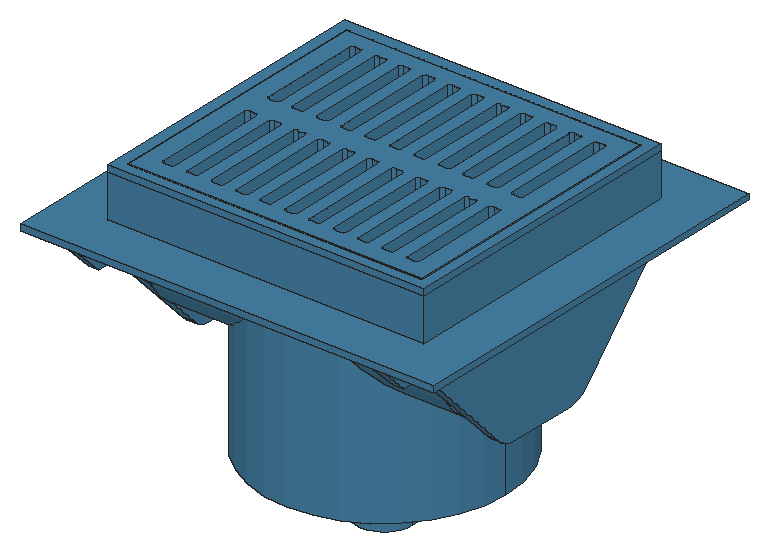
Revit family "Drain_Trench_12_Inch_Wide-Zurn-Z665-Heavy-Duty", category Plumbing Fixtures, Revit 2022
Family settings
  Round Connector Dimension = Use Radius
  Part Type = Normal
  OmniClass Number = 23.70.50.21.24.14
  OmniClass Title = Deck Waste Water Drains
  Work Plane-Based = No
  Always vertical = Yes
  Cut with Voids When Loaded = No
  Maintain Annotation Orientation = No
  Shared = No
  Room Calculation Point = No
Parameters (values of type "Load Family Catalog")
  ZB/ZN = 0.000"
  Waste Connection = 1 = 1  # yes
  WFU = 1  # constant formula
  Vent Connection = 1 = 0  # no
  URL = "www.zurn.com"
  Type Comments = "Z665 2 Inch Inside Caulk Outlet"
  Top flange height = 2.000"
  Product data url = "https://www.bimobject.com/en-in/zurnindustries/product/zurn-z665"
  Product Page URL = "https://www.zurn.com/products/drainage-interceptors/floor-drains/cast-iron-trench-drains/z665"
  Product Installation Sheet URL = "https://files.zurn.com/care-cleaning-install-warranty-sheets/fd16-(1).pdf"
  Product Documentation Link = "https://files.zurn.com/spec-sheets/z665.pdf"
  A_ Pipe Size (Nominal Radius) = [A_ Pipe Size (Nominal Diameter)] / 2  # 1.000"
  A_ Pipe Size (Nominal Diameter) = 2.000"
  A_ Pipe Size (Inner Diameter) = 2.067"
  A_ Pipe Size (Outer Diameter) = 2.375"
  Modified Date = "11/24/25"  # constant formula
  Model = "Z665"
  Manufacurer Brand = "Zurn"  # constant formula
  Manufacturer = "Zurn Water, LLC"  # constant formula
  Main Material = Iron - Zurn - Cast - Painted - Blue
  HWFU = 0  # constant formula
  HW Connection = 1 = 0  # no
  Grate Open Area (Sq. In.) = 110.00 SF
  Grate Material = Iron - Zurn - Cast - Painted - Blue
  Description = "12[305] WIDE MODULAR TRENCH DRAIN, HEAVY-DUTY"  # constant formula
  Default Elevation = 2.000"  # constant formula
  Date Created = "07/27/17"  # constant formula
  CWFU = 0  # constant formula
  CW Connection = 1 = 0  # no
  Body Height 'E' = 13.188"
  Assembly Code = "D2020.30"
  Approx. Weight (Lbs) = 100.000"
  Actual Body Height 'E' = Body Height 'E' + [ZB/ZN]  # 13.188"
Reference planes (in)
  plane 1 "Center (Front/Back)": y = 0
  plane 2: z = 0
  plane 3 "Center (Left/Right)": x = 0
  plane 4: y = 6.0625
  plane 5: y = -6.0625
  plane 6: z = -6.625
  plane 7 "FEMALE END": x = -8.46875
  plane 8 "MALE END": x = 8.46875
  plane 9: x = 6.03125
  plane 10: x = -6.03125
  plane 11: z = -13.188
  plane 12: y = 5.625
  plane 13: y = -5.625
  plane 14: z = -2
  plane 15: y = -8.0625
  plane 16: z = 0
  plane 17 "bottom outlet": x = 6.46875
  plane 18: x = -6.46875
  plane 19: y = 8.0625
  plane 20: z = -1.75
  plane 21: z = -2.25
  plane 22: y = 4.875
  plane 23: y = -4.875
  plane 24: z = -7.625
  plane 25: x = -1.1875
  plane 26: x = 1.1875
  plane 27: y = 1.1875
  plane 28: y = -1.1875
  plane 29: z = -2.875
  plane 30: x = -1.0335
  plane 31: x = 1.0335
  plane 32: x = 1.1875
  plane 33: x = -1.1875
  plane 34: z = 0
  plane 35: z = -0.25
Forms (in)
  Extrusion 1, solid, material "Iron - Zurn - Cast - Painted - Blue" <- "Main Material", detail levels fine
    sketch origin (0, 0, 0) x (1, 0, 0) y (0, 1, 0)
      loop
        line (-6.03125, 5.625) -> (-6.03125, -5.625) -> (6.03125, -5.625) -> (6.03125, 5.625) -> (-6.03125, 5.625)
      loop
        line (-6.46875, 6.0625) -> (-6.46875, -6.0625) -> (6.46875, -6.0625) -> (6.46875, 6.0625) -> (-6.46875, 6.0625)
    from 0 to -2.25
  Extrusion 2, solid, material "Iron - Zurn - Cast - Painted - Blue" <- "Main Material", detail levels fine
    sketch origin (0, 0, 0) x (1, 0, 0) y (0, 1, 0)
      loop
        line (-8.46875, 8.0625) -> (-8.46875, -8.0625) -> (8.46875, -8.0625) -> (8.46875, 8.0625) -> (-8.46875, 8.0625)
      loop
        line (-6.46875, 6.0625) -> (-6.46875, -6.0625) -> (6.46875, -6.0625) -> (6.46875, 6.0625) -> (-6.46875, 6.0625)
    from -2 to -2.25
  Extrusion 3, solid, material "Iron - Zurn - Cast - Painted - Blue" <- "Main Material", detail levels fine
    sketch origin (6.46875, 0, 0) x (0, 0, 1) y (0, -1, 0)
      loop
        line (-2.25, -8.0625) -> (-2.25, 8.0625) -> (-3.25, 7.0625) -> (-3.25, 6.0625) -> (-7.31667, 2.16777)
        arc (-7.31667, 2.16777) -> (-7.54469, 1.8382) -> (-7.625, 1.44556) r 1
        line (-7.625, 1.44556) -> (-7.625, -1.44556)
        arc (-7.625, -1.44556) -> (-7.54469, -1.8382) -> (-7.31667, -2.16777) r 1
        line (-7.31667, -2.16777) -> (-3.25, -6.0625) -> (-3.25, -7.0625) -> (-2.25, -8.0625)
    from -0.4375 to 0
  Extrusion 4, solid, material "Iron - Zurn - Cast - Painted - Blue" <- "Main Material", detail levels fine
    sketch origin (6.46875, 0, 0) x (0, 0, 1) y (0, -1, 0)
      loop
        line (-2.25, 8.0625) -> (-3.25, 7.0625) -> (-3.25, 6.0625) -> (-7.31667, 2.16777)
        arc (-7.31667, 2.16777) -> (-7.54469, 1.8382) -> (-7.625, 1.44556) r 1
        line (-7.625, 1.44556) -> (-7.625, -1.44556)
        arc (-7.625, -1.44556) -> (-7.54469, -1.8382) -> (-7.31667, -2.16777) r 1
        line (-7.31667, -2.16777) -> (-3.25, -6.0625) -> (-3.25, -7.0625) -> (-2.25, -8.0625) -> (-2.25, 8.0625)
    from -12.5 to -12.9375
  Extrusion 5, solid, material "Iron - Zurn - Cast - Painted - Blue" <- "Main Material", detail levels fine
    sketch origin (0, 0, 0) x (1, 0, 0) y (0, 1, 0)
      loop
        circle (-7.125, 4.25) r 0.375
      loop
        circle (7.125, 4.25) r 0.375
      loop
        circle (-7.125, -4.25) r 0.375
      loop
        circle (7.125, -4.25) r 0.375
    from -2.875 to -2.25
  Extrusion 6, solid, material "Iron - Zurn - Cast - Painted - Blue" <- "Main Material", detail levels fine
    sketch origin (0, 0, 0) x (0, 1, 0) y (0, 0, 1)
      loop
        line (5.625, -2.25) -> (5.07947, -2.25) -> (4.14385, -4.39409)
        arc (4.14385, -4.39409) -> (3.08003, -5.65379) -> (1.5, -6.125) r 2.8846
        line (1.5, -6.125) -> (-1.5, -6.125)
        arc (-1.5, -6.125) -> (-3.10942, -5.63231) -> (-4.16722, -4.3231) r 2.875
        line (-4.16722, -4.3231) -> (-5.00129, -2.25) -> (-5.54024, -2.25) -> (-4.63109, -4.50973)
        arc (-4.63109, -4.50973) -> (-3.38932, -6.04662) -> (-1.5, -6.625) r 3.375
        line (-1.5, -6.625) -> (1.5, -6.625)
        arc (1.5, -6.625) -> (3.3539, -6.07211) -> (4.60211, -4.59407) r 3.3846
        line (4.60211, -4.59407) -> (5.625, -2.25)
    from -6.03125 to 6.03125
  Revolve 7, solid, material "Iron - Zurn - Cast - Painted - Blue" <- "Main Material", detail levels fine
    sketch origin (0, 0, 0) x (1, 0, 0) y (0, 0, 1)
      loop
        line (4.75, -2.875) -> (4.75, -10.5) -> (1.0335, -10.5) -> (1.0335, -13.188) -> (1.1875, -13.188) -> (1.1875, -10.75) -> (5, -10.75) -> (5, -2.875) -> (4.75, -2.875)
      axis (0, -2.875) -> (0, -13.188)
    angle from 0 to 360
  Extrusion 8, solid, material "Iron - Zurn - Cast - Painted - Blue" <- "Grate Material", detail levels fine
    sketch origin (0, 0, 0) x (1, 0, 0) y (0, 1, 0)
      loop
        line (-6.46875, 6.0625) -> (-6.46875, -6.0625) -> (6.46875, -6.0625) -> (6.46875, 6.0625) -> (-6.46875, 6.0625)
      loop
        line (-6.03125, 5.625) -> (-6.03125, -5.625) -> (6.03125, -5.625) -> (6.03125, 5.625) -> (-6.03125, 5.625)
    from -0.25 to 0
Lines and regions (in)
  Masking region 1, detail levels fine
    outline origin (0, 0, 0) x (1, 0, 0) y (0, 1, 0)
      loop
        line (-8.46875, 8.0625) -> (-8.46875, -8.0625) -> (8.46875, -8.0625) -> (8.46875, 8.0625) -> (-8.46875, 8.0625)
  Masking region 2, detail levels fine
    outline origin (0, 0, 0) x (1, 0, 0) y (0, 1, 0)
      loop
        line (-8.46875, 8.0625) -> (-8.46875, -8.0625) -> (8.46875, -8.0625) -> (8.46875, 8.0625) -> (-8.46875, 8.0625)
  model lines, detail levels coarse+medium
    curve 1: line (-1.1875, 0, -13.188) -> (1.1875, 0, -13.188)
    curve 2: line (0, 0, 0) -> (0, 0, -13.188)
    curve 3: line (-6.03125, 5.625, 0) -> (6.03125, 5.625, 0)
    curve 4: line (-6.03125, -5.625, 0) -> (-6.03125, 5.625, 0)
    curve 5: line (6.03125, -5.625, 0) -> (-6.03125, -5.625, 0)
    curve 6: line (6.03125, 5.625, 0) -> (6.03125, -5.625, 0)
    curve 7: line (0, 1.1875, -13.188) -> (0, -1.1875, -13.188)
    curve 8: line (-4.52344, 5.625, 0) -> (-4.52344, -5.625, 0)
    curve 9: line (-3.01562, -5.625, 0) -> (-3.01562, 5.625, 0)
    curve 10: line (-1.50781, 5.625, 0) -> (-1.50781, -5.625, 0)
    curve 11: line (1.50781, -5.625, 0) -> (1.50781, 5.625, 0)
    curve 12: line (3.01563, 5.625, 0) -> (3.01563, -5.625, 0)
    curve 13: line (4.52344, -5.625, 0) -> (4.52344, 5.625, 0)
    curve 14: line (0, 5.625, 0) -> (0, -5.625, 0)
    curve 15: line (-6.46875, 6.0625, 0) -> (6.46875, 6.0625, 0)
    curve 16: line (-6.46875, -6.0625, 0) -> (-6.46875, 6.0625, 0)
    curve 17: line (6.46875, -6.0625, 0) -> (-6.46875, -6.0625, 0)
    curve 18: line (6.46875, 6.0625, 0) -> (6.46875, -6.0625, 0)
  symbolic lines, detail levels coarse+medium
    curve 19: line (-6.03125, 5.625, 0) -> (6.03125, 5.625, 0)
    curve 20: line (-6.03125, -5.625, 0) -> (-6.03125, 5.625, 0)
    curve 21: line (6.03125, -5.625, 0) -> (-6.03125, -5.625, 0)
    curve 22: line (6.03125, 5.625, 0) -> (6.03125, -5.625, 0)
Dimensions and locks (in)
  equal spacing: plane 19, plane 1 "Center (Front/Back)", plane 15, locked at 8.0625 each
  locked: plane 10 to plane 9 at 12.0625
  equal spacing: plane 10, plane 3 "Center (Left/Right)", plane 9, locked at 6.03125 each
  locked: plane 17 "bottom outlet" to plane 8 "MALE END" at 2
  locked: plane 7 "FEMALE END" to plane 18 at 2
  locked: plane 18 to plane 10 at 0.4375
  locked: plane 9 to plane 17 "bottom outlet" at 0.4375
  locked: plane 12 to plane 4 at 0.4375
  plane 1 "Center (Front/Back)" to plane 4 = 6.0625"
  plane 5 to plane 1 "Center (Front/Back)" = 6.0625"
  locked: plane 5 to plane 13 at 0.4375
  "Actual Body Height 'E'": level to plane 11
  locked: level to plane 6 at 6.625
  "Top flange height": level to plane 14
  locked: plane 20 to plane 14 at 0.25
  locked: plane 14 to plane 21 at 0.25
  level to plane 6 = 6.625"
  level to plane 11 = 13.188"
  locked: plane 4 to plane 22 at 1.1875
  locked: plane 23 to plane 5 at 1.1875
  locked: Extrusion 3 sketch curve to plane 21 at 1  (x2)
  locked: plane 19 to Extrusion 3 sketch curve at 1
  locked: Extrusion 3 sketch curve to plane 15 at 1
  plane 24 to plane 6 = 1.000"
  locked: Extrusion 3 sketch curve to plane 1 "Center (Front/Back)" at 2.16777
  locked: plane 1 "Center (Front/Back)" to Extrusion 3 sketch curve at 2.16777
  equal spacing: plane 25, plane 3 "Center (Left/Right)", plane 26
  "A_ Pipe Size (Outer Diameter)": plane 25 to plane 26
  equal spacing: plane 27, plane 1 "Center (Front/Back)", plane 28
  "A_ Pipe Size (Outer Diameter)": plane 27 to plane 28
  equal spacing: plane 10, curve 8, curve 9, curve 10, curve 14, curve 11, curve 12, curve 13, plane 9, locked at 1.50781 each
  Extrusion 5 sketch curve to plane 3 "Center (Left/Right)" to Extrusion 5 sketch curve = 7.125" locked, 7.125" locked  (x2)
  Extrusion 5 sketch curve to plane 1 "Center (Front/Back)" to Extrusion 5 sketch curve = 4.250" locked, 4.250" locked  (x2)
  locked: plane 21 to plane 29 at 0.625
  locked: plane 15 to plane 19 at 16.125
  equal spacing: plane 4, plane 1 "Center (Front/Back)", plane 5
  locked: plane 4 to plane 5 at 12.125
  locked: plane 6 to plane 24 at 1
  Extrusion 6 sketch curve to plane 1 "Center (Front/Back)" = 1.500"
  plane 1 "Center (Front/Back)" to Extrusion 6 sketch curve = 1.500"
  locked: Extrusion 6 sketch curve to Extrusion 6 sketch curve at 0.5  (x2)
  locked: plane 6 to Extrusion 6 sketch curve at 0.5
  Revolve 7 sketch curve to plane 6 = 3.750"
  locked: Revolve 7 sketch curve to Revolve 7 sketch curve at 0.25  (x2)
  locked: level to Revolve 7 sketch curve at 10.75
  equal spacing: plane 33, plane 3 "Center (Left/Right)", plane 32
  equal spacing: plane 30, plane 3 "Center (Left/Right)", plane 31
  "A_ Pipe Size (Outer Diameter)": plane 33 to plane 32
  "A_ Pipe Size (Inner Diameter)": plane 30 to plane 31
  locked: Revolve 7 sketch curve to plane 3 "Center (Left/Right)" at 5
  locked: plane 34 to plane 14 at 2
  locked: level to plane 35 at 0.25
  diameter of Extrusion 5 sketch curve = 0.750"  (x4)
  aligned and locked: plane 2 to level
  aligned and locked: plane 12 to Extrusion 1 sketch curve
  aligned and locked: plane 10 to Extrusion 1 sketch curve
  aligned and locked: Extrusion 1 sketch curve to plane 13
  aligned and locked: Extrusion 1 sketch curve to plane 9
  aligned and locked: plane 4 to Extrusion 1 sketch curve
  aligned and locked: Extrusion 1 sketch curve to plane 17 "bottom outlet"
  aligned and locked: Extrusion 1 sketch curve to plane 5
  aligned and locked: plane 18 to Extrusion 1 sketch curve
  aligned and locked: plane 21 to Extrusion 1
  aligned and locked: Extrusion 2 sketch curve to plane 19
  aligned and locked: plane 7 "FEMALE END" to Extrusion 2 sketch curve
  aligned and locked: Extrusion 2 sketch curve to plane 15
  aligned and locked: Extrusion 2 sketch curve to plane 8 "MALE END"
  aligned and locked: Extrusion 2 sketch curve to plane 17 "bottom outlet"
  aligned and locked: plane 18 to Extrusion 2 sketch curve
  aligned and locked: plane 4 to Extrusion 2 sketch curve
  aligned and locked: Extrusion 2 sketch curve to plane 5
  aligned and locked: Extrusion 2 to Extrusion 1
  aligned and locked: plane 14 to Extrusion 2
  aligned and locked: Extrusion 3 sketch curve to plane 21
  aligned and locked: plane 19 to Extrusion 3 sketch curve
  aligned and locked: plane 15 to Extrusion 3 sketch curve
  aligned and locked: plane 4 to Extrusion 3 sketch curve
  aligned and locked: plane 5 to Extrusion 3 sketch curve
  aligned and locked: Extrusion 3 sketch curve to plane 24
  aligned and locked: Extrusion 3 to plane 9
  aligned and locked: Extrusion 3 to plane 17 "bottom outlet"
  aligned and locked: Extrusion 4 sketch curve to Extrusion 3  (x8)
  aligned and locked: Extrusion 4 to plane 18
  aligned and locked: plane 10 to Extrusion 4
  aligned and locked: plane 25 to curve 1
  aligned and locked: curve 1 to plane 26
  aligned and locked: curve 1 to plane 11
  aligned and locked: plane 11 to curve 2
  aligned and locked: level to curve 2
  aligned and locked: curve 2 to plane 3 "Center (Left/Right)"
  aligned and locked: plane 10 to curve 4
  aligned and locked: curve 6 to plane 9
  aligned and locked: curve 5 to plane 13
  aligned and locked: plane 12 to curve 3
  aligned and locked: curve 7 to plane 27
  aligned and locked: plane 28 to curve 7
  aligned and locked: curve 7 to plane 11
  aligned and locked: plane 12 to curve 8
  aligned and locked: plane 13 to curve 12
  aligned and locked: curve 18 to plane 17 "bottom outlet"
  aligned and locked: curve 17 to plane 5
  aligned and locked: plane 4 to curve 15
  aligned and locked: plane 18 to curve 16
  aligned and locked: Masking region 1 sketch curve to plane 19
  aligned and locked: Masking region 1 sketch curve to plane 15
  aligned and locked: plane 7 "FEMALE END" to Masking region 1 sketch curve
  aligned and locked: Masking region 1 sketch curve to plane 8 "MALE END"
  aligned and locked: Extrusion 5 to plane 29
  aligned and locked: Extrusion 5 to Extrusion 1
  aligned and locked: level to nested 1
  aligned and locked: plane 10 to nested 1
  aligned and locked: plane 13 to nested 1
  aligned and locked: plane 21 to Extrusion 6 sketch curve  (x2)
  aligned and locked: plane 12 to Extrusion 6 sketch curve
  aligned and locked: Extrusion 6 to plane 10
  aligned and locked: plane 9 to Extrusion 6
  aligned and locked: Extrusion 6 sketch curve to plane 6
  aligned and locked: Revolve 7 sketch curve to plane 11
  aligned and locked: Revolve 7 sketch curve to plane 31
  aligned and locked: plane 32 to Revolve 7 sketch curve
  aligned and locked: plane 29 to Revolve 7
  aligned and locked: Revolve 7 sketch curve to plane 3 "Center (Left/Right)"
  aligned and locked: plane 34 to Extrusion 1
  aligned and locked: plane 18 to Extrusion 8 sketch curve
  aligned and locked: plane 4 to Extrusion 8 sketch curve
  aligned and locked: Extrusion 8 sketch curve to plane 5
  aligned and locked: Extrusion 8 sketch curve to Extrusion 1
  aligned and locked: Extrusion 8 sketch curve to plane 9
  aligned and locked: Extrusion 8 sketch curve to plane 13
  aligned and locked: plane 10 to Extrusion 8 sketch curve
  aligned and locked: plane 12 to Extrusion 8 sketch curve
  aligned and locked: Extrusion 8 to plane 35
  aligned and locked: level to Extrusion 8
  aligned and locked: Masking region 2 sketch curve to plane 19
  aligned and locked: plane 7 "FEMALE END" to Masking region 2 sketch curve
  aligned and locked: Masking region 2 sketch curve to plane 8 "MALE END"
  aligned and locked: Masking region 2 sketch curve to plane 15
Automatic sketch dimensions
  Extrusion 3 sketch curve to plane 6 = 0.000"  (x2)
  Extrusion 4 sketch curve to plane 19 = 0.000"
  Extrusion 6 sketch curve to plane 13 = 0.08476"
  Extrusion 6 sketch curve to Extrusion 6 sketch curve = 0.19998"
  Extrusion 6 sketch curve to Extrusion 6 sketch curve = 0.000"  (x2)
  Extrusion 6 sketch curve to Extrusion 6 sketch curve = 0.18663"
  plane 23 to Extrusion 6 sketch curve = 0.12629"
  plane 22 to Extrusion 6 sketch curve = 0.20447"
  Revolve 7 sketch curve to plane 11 = 0.000"
  Revolve 7 sketch curve to plane 21 = 0.000"
Nested families (in)
  nested 1: "Z665-Grate" at (0, 0, 0), Main Material <- "Grate Material", type "Z665", detail levels fine
    with Main Material Iron - Zurn - Cast - Painted - Blue
Connectors (in)
  piping at (0, 0, -13.188), diameter 2, driven by "A_ Pipe Size (Nominal Radius)", driven by "Waste Connection"
    settings: on Revolve 7, index 1, connector inside diameter 24", connector length 0.000", flow factor 0, pipe flow 0 GPM, pressure drop 0.00 psi, fitting loss kfactor 0, connector angle 0.00°, fixture units 0, engagement length 0.000", angle of deflection 0.00°, flow configuration 0, flow direction 2, fitting loss method 0, system type 16, joint type 0, gender type 0, connector reference index -1, connector utility 1, adjustable connector no, is connector primary yes, connector description "Sanitary Outlet"
Definition of nested family "Z665-Grate"
  Parameters (values of type "Z665")
    Waste Connection = 1 = 1  # yes
    WFU = 1  # constant formula
    Vent Connection = 1 = 0  # no
    URL = "www.zurn.com"
    Product data url = "https://www.zurn.com/products/drainage-interceptors/floor-drains/cast-iron-trench-drains/z664"
    Product Page URL = "https://www.zurn.com/products/drainage-interceptors/floor-drains/cast-iron-trench-drains/z664"
    Product Installation Sheet URL = "https://files.zurn.com/care-cleaning-install-warranty-sheets/fd22-(1).pdf"
    Product Documentation Link = "https://files.zurn.com/spec-sheets/z664.pdf"
    Outlet nominal radius = Outlet nominal diameter / 2  # 1.000"
    Outlet nominal diameter = 2.000"
    Outlet minnor diameter = 2.067"
    Outlet major diameter = 2.375"
    Modified Date = "07/28/25"  # constant formula
    Model = "Z664"  # constant formula
    Manufacurer Brand = "Zurn"  # constant formula
    Manufacturer = "Zurn Water, LLC"  # constant formula
    Main Material [instance] = none
    HWFU = 0  # constant formula
    HW Connection = 1 = 0  # no
    Grate Open Area (Sq. In.) = 0.00 SF
    Description = "6 [152] WIDE MODULAR TRENCH DRAIN HEAVY-DUTY"  # constant formula
    Default Elevation = 2.000"  # constant formula
    Date Created = "21/01/16"  # constant formula
    CWFU = 0  # constant formula
    CW Connection = 1 = 0  # no
    Body Height 'E" = 9.125"
    Assembly Code = "D2020.30"
    Approx. Weight (Lbs) = 35.000"
  Reference planes (in)
    plane 1 "Center (Front/Back)": y = 0
    plane 2: z = 0
    plane 3 "Center (Left/Right)": x = 0
    plane 4: x = 6.03125
    plane 5: x = -6.03125
    plane 6: y = 5.625
    plane 7: y = -5.625
    plane 8: z = -0.4375
    plane 9: z = 0
    plane 10: y = -4.875
    plane 11: y = 0.5
    plane 12: y = -0.5
    plane 13: y = 4.875
  Forms (in)
    Extrusion 1, solid, material <- "Main Material"
      sketch origin (0, 0, 0) x (1, 0, 0) y (0, 1, 0)
        loop
          line (-6.03125, 5.625) -> (-6.03125, -5.625) -> (6.03125, -5.625) -> (6.03125, 5.625) -> (-6.03125, 5.625)
      from 0 to -0.4375
    Extrusion 2, void
      sketch origin (0, 0.28718, 0) x (1, 0, 0) y (0, 1, 0)
        loop
          arc (-5.125, 4.58782) -> (-5.21339, 4.55121) -> (-5.25, 4.46282) r 0.125
          line (-5.25, 4.46282) -> (-5.25, 0.33782)
          arc (-5.25, 0.33782) -> (-5.21339, 0.24943) -> (-5.125, 0.21282) r 0.125
          line (-5.125, 0.21282) -> (-4.875, 0.21282)
          arc (-4.875, 0.21282) -> (-4.78661, 0.24943) -> (-4.75, 0.33782) r 0.125
          line (-4.75, 0.33782) -> (-4.75, 4.46282)
          arc (-4.75, 4.46282) -> (-4.78661, 4.55121) -> (-4.875, 4.58782) r 0.125
          line (-4.875, 4.58782) -> (-5.125, 4.58782)
      from 0 to -0.4375
    Extrusion 3, void
      sketch origin (10, 0, 0) x (1, 0, 0) y (0, 1, 0)
        loop
          arc (-15.125, -0.5) -> (-15.21339, -0.53661) -> (-15.25, -0.625) r 0.125
          line (-15.25, -0.625) -> (-15.25, -4.75)
          arc (-15.25, -4.75) -> (-15.21339, -4.83839) -> (-15.125, -4.875) r 0.125
          line (-15.125, -4.875) -> (-14.875, -4.875)
          arc (-14.875, -4.875) -> (-14.78661, -4.83839) -> (-14.75, -4.75) r 0.125
          line (-14.75, -4.75) -> (-14.75, -0.625)
          arc (-14.75, -0.625) -> (-14.78661, -0.53661) -> (-14.875, -0.5) r 0.125
          line (-14.875, -0.5) -> (-15.125, -0.5)
      from 0 to -0.4375
    Extrusion 4, void
      sketch origin (1, 0.28718, 0) x (1, 0, 0) y (0, 1, 0)
        loop
          arc (-5.125, 4.58782) -> (-5.21339, 4.55121) -> (-5.25, 4.46282) r 0.125
          line (-5.25, 4.46282) -> (-5.25, 0.33782)
          arc (-5.25, 0.33782) -> (-5.21339, 0.24943) -> (-5.125, 0.21282) r 0.125
          line (-5.125, 0.21282) -> (-4.875, 0.21282)
          arc (-4.875, 0.21282) -> (-4.78661, 0.24943) -> (-4.75, 0.33782) r 0.125
          line (-4.75, 0.33782) -> (-4.75, 4.46282)
          arc (-4.75, 4.46282) -> (-4.78661, 4.55121) -> (-4.875, 4.58782) r 0.125
          line (-4.875, 4.58782) -> (-5.125, 4.58782)
      from 0 to -0.4375
    Extrusion 5, void
      sketch origin (2, 0.28718, 0) x (1, 0, 0) y (0, 1, 0)
        loop
          arc (-5.125, 4.58782) -> (-5.21339, 4.55121) -> (-5.25, 4.46282) r 0.125
          line (-5.25, 4.46282) -> (-5.25, 0.33782)
          arc (-5.25, 0.33782) -> (-5.21339, 0.24943) -> (-5.125, 0.21282) r 0.125
          line (-5.125, 0.21282) -> (-4.875, 0.21282)
          arc (-4.875, 0.21282) -> (-4.78661, 0.24943) -> (-4.75, 0.33782) r 0.125
          line (-4.75, 0.33782) -> (-4.75, 4.46282)
          arc (-4.75, 4.46282) -> (-4.78661, 4.55121) -> (-4.875, 4.58782) r 0.125
          line (-4.875, 4.58782) -> (-5.125, 4.58782)
      from 0 to -0.4375
    Extrusion 6, void
      sketch origin (3, 0.28718, 0) x (1, 0, 0) y (0, 1, 0)
        loop
          arc (-5.125, 4.58782) -> (-5.21339, 4.55121) -> (-5.25, 4.46282) r 0.125
          line (-5.25, 4.46282) -> (-5.25, 0.33782)
          arc (-5.25, 0.33782) -> (-5.21339, 0.24943) -> (-5.125, 0.21282) r 0.125
          line (-5.125, 0.21282) -> (-4.875, 0.21282)
          arc (-4.875, 0.21282) -> (-4.78661, 0.24943) -> (-4.75, 0.33782) r 0.125
          line (-4.75, 0.33782) -> (-4.75, 4.46282)
          arc (-4.75, 4.46282) -> (-4.78661, 4.55121) -> (-4.875, 4.58782) r 0.125
          line (-4.875, 4.58782) -> (-5.125, 4.58782)
      from 0 to -0.4375
    Extrusion 7, void
      sketch origin (4, 0.28718, 0) x (1, 0, 0) y (0, 1, 0)
        loop
          arc (-5.125, 4.58782) -> (-5.21339, 4.55121) -> (-5.25, 4.46282) r 0.125
          line (-5.25, 4.46282) -> (-5.25, 0.33782)
          arc (-5.25, 0.33782) -> (-5.21339, 0.24943) -> (-5.125, 0.21282) r 0.125
          line (-5.125, 0.21282) -> (-4.875, 0.21282)
          arc (-4.875, 0.21282) -> (-4.78661, 0.24943) -> (-4.75, 0.33782) r 0.125
          line (-4.75, 0.33782) -> (-4.75, 4.46282)
          arc (-4.75, 4.46282) -> (-4.78661, 4.55121) -> (-4.875, 4.58782) r 0.125
          line (-4.875, 4.58782) -> (-5.125, 4.58782)
      from 0 to -0.4375
    Extrusion 8, void
      sketch origin (5, 0.28718, 0) x (1, 0, 0) y (0, 1, 0)
        loop
          arc (-5.125, 4.58782) -> (-5.21339, 4.55121) -> (-5.25, 4.46282) r 0.125
          line (-5.25, 4.46282) -> (-5.25, 0.33782)
          arc (-5.25, 0.33782) -> (-5.21339, 0.24943) -> (-5.125, 0.21282) r 0.125
          line (-5.125, 0.21282) -> (-4.875, 0.21282)
          arc (-4.875, 0.21282) -> (-4.78661, 0.24943) -> (-4.75, 0.33782) r 0.125
          line (-4.75, 0.33782) -> (-4.75, 4.46282)
          arc (-4.75, 4.46282) -> (-4.78661, 4.55121) -> (-4.875, 4.58782) r 0.125
          line (-4.875, 4.58782) -> (-5.125, 4.58782)
      from 0 to -0.4375
    Extrusion 9, void
      sketch origin (6, 0.28718, 0) x (1, 0, 0) y (0, 1, 0)
        loop
          arc (-5.125, 4.58782) -> (-5.21339, 4.55121) -> (-5.25, 4.46282) r 0.125
          line (-5.25, 4.46282) -> (-5.25, 0.33782)
          arc (-5.25, 0.33782) -> (-5.21339, 0.24943) -> (-5.125, 0.21282) r 0.125
          line (-5.125, 0.21282) -> (-4.875, 0.21282)
          arc (-4.875, 0.21282) -> (-4.78661, 0.24943) -> (-4.75, 0.33782) r 0.125
          line (-4.75, 0.33782) -> (-4.75, 4.46282)
          arc (-4.75, 4.46282) -> (-4.78661, 4.55121) -> (-4.875, 4.58782) r 0.125
          line (-4.875, 4.58782) -> (-5.125, 4.58782)
      from 0 to -0.4375
    Extrusion 10, void
      sketch origin (7, 0.28718, 0) x (1, 0, 0) y (0, 1, 0)
        loop
          arc (-5.125, 4.58782) -> (-5.21339, 4.55121) -> (-5.25, 4.46282) r 0.125
          line (-5.25, 4.46282) -> (-5.25, 0.33782)
          arc (-5.25, 0.33782) -> (-5.21339, 0.24943) -> (-5.125, 0.21282) r 0.125
          line (-5.125, 0.21282) -> (-4.875, 0.21282)
          arc (-4.875, 0.21282) -> (-4.78661, 0.24943) -> (-4.75, 0.33782) r 0.125
          line (-4.75, 0.33782) -> (-4.75, 4.46282)
          arc (-4.75, 4.46282) -> (-4.78661, 4.55121) -> (-4.875, 4.58782) r 0.125
          line (-4.875, 4.58782) -> (-5.125, 4.58782)
      from 0 to -0.4375
    Extrusion 11, void
      sketch origin (8, 0.28718, 0) x (1, 0, 0) y (0, 1, 0)
        loop
          arc (-5.125, 4.58782) -> (-5.21339, 4.55121) -> (-5.25, 4.46282) r 0.125
          line (-5.25, 4.46282) -> (-5.25, 0.33782)
          arc (-5.25, 0.33782) -> (-5.21339, 0.24943) -> (-5.125, 0.21282) r 0.125
          line (-5.125, 0.21282) -> (-4.875, 0.21282)
          arc (-4.875, 0.21282) -> (-4.78661, 0.24943) -> (-4.75, 0.33782) r 0.125
          line (-4.75, 0.33782) -> (-4.75, 4.46282)
          arc (-4.75, 4.46282) -> (-4.78661, 4.55121) -> (-4.875, 4.58782) r 0.125
          line (-4.875, 4.58782) -> (-5.125, 4.58782)
      from 0 to -0.4375
    Extrusion 12, void
      sketch origin (9, 0.28718, 0) x (1, 0, 0) y (0, 1, 0)
        loop
          arc (-5.125, 4.58782) -> (-5.21339, 4.55121) -> (-5.25, 4.46282) r 0.125
          line (-5.25, 4.46282) -> (-5.25, 0.33782)
          arc (-5.25, 0.33782) -> (-5.21339, 0.24943) -> (-5.125, 0.21282) r 0.125
          line (-5.125, 0.21282) -> (-4.875, 0.21282)
          arc (-4.875, 0.21282) -> (-4.78661, 0.24943) -> (-4.75, 0.33782) r 0.125
          line (-4.75, 0.33782) -> (-4.75, 4.46282)
          arc (-4.75, 4.46282) -> (-4.78661, 4.55121) -> (-4.875, 4.58782) r 0.125
          line (-4.875, 4.58782) -> (-5.125, 4.58782)
      from 0 to -0.4375
    Extrusion 13, void
      sketch origin (10, 0.28718, 0) x (1, 0, 0) y (0, 1, 0)
        loop
          arc (-5.125, 4.58782) -> (-5.21339, 4.55121) -> (-5.25, 4.46282) r 0.125
          line (-5.25, 4.46282) -> (-5.25, 0.33782)
          arc (-5.25, 0.33782) -> (-5.21339, 0.24943) -> (-5.125, 0.21282) r 0.125
          line (-5.125, 0.21282) -> (-4.875, 0.21282)
          arc (-4.875, 0.21282) -> (-4.78661, 0.24943) -> (-4.75, 0.33782) r 0.125
          line (-4.75, 0.33782) -> (-4.75, 4.46282)
          arc (-4.75, 4.46282) -> (-4.78661, 4.55121) -> (-4.875, 4.58782) r 0.125
          line (-4.875, 4.58782) -> (-5.125, 4.58782)
      from 0 to -0.4375
    Extrusion 14, void
      sketch origin (11, 0, 0) x (1, 0, 0) y (0, 1, 0)
        loop
          arc (-15.125, -0.5) -> (-15.21339, -0.53661) -> (-15.25, -0.625) r 0.125
          line (-15.25, -0.625) -> (-15.25, -4.75)
          arc (-15.25, -4.75) -> (-15.21339, -4.83839) -> (-15.125, -4.875) r 0.125
          line (-15.125, -4.875) -> (-14.875, -4.875)
          arc (-14.875, -4.875) -> (-14.78661, -4.83839) -> (-14.75, -4.75) r 0.125
          line (-14.75, -4.75) -> (-14.75, -0.625)
          arc (-14.75, -0.625) -> (-14.78661, -0.53661) -> (-14.875, -0.5) r 0.125
          line (-14.875, -0.5) -> (-15.125, -0.5)
      from 0 to -0.4375
    Extrusion 15, void
      sketch origin (12, 0, 0) x (1, 0, 0) y (0, 1, 0)
        loop
          arc (-15.125, -0.5) -> (-15.21339, -0.53661) -> (-15.25, -0.625) r 0.125
          line (-15.25, -0.625) -> (-15.25, -4.75)
          arc (-15.25, -4.75) -> (-15.21339, -4.83839) -> (-15.125, -4.875) r 0.125
          line (-15.125, -4.875) -> (-14.875, -4.875)
          arc (-14.875, -4.875) -> (-14.78661, -4.83839) -> (-14.75, -4.75) r 0.125
          line (-14.75, -4.75) -> (-14.75, -0.625)
          arc (-14.75, -0.625) -> (-14.78661, -0.53661) -> (-14.875, -0.5) r 0.125
          line (-14.875, -0.5) -> (-15.125, -0.5)
      from 0 to -0.4375
    Extrusion 16, void
      sketch origin (13, 0, 0) x (1, 0, 0) y (0, 1, 0)
        loop
          arc (-15.125, -0.5) -> (-15.21339, -0.53661) -> (-15.25, -0.625) r 0.125
          line (-15.25, -0.625) -> (-15.25, -4.75)
          arc (-15.25, -4.75) -> (-15.21339, -4.83839) -> (-15.125, -4.875) r 0.125
          line (-15.125, -4.875) -> (-14.875, -4.875)
          arc (-14.875, -4.875) -> (-14.78661, -4.83839) -> (-14.75, -4.75) r 0.125
          line (-14.75, -4.75) -> (-14.75, -0.625)
          arc (-14.75, -0.625) -> (-14.78661, -0.53661) -> (-14.875, -0.5) r 0.125
          line (-14.875, -0.5) -> (-15.125, -0.5)
      from 0 to -0.4375
    Extrusion 17, void
      sketch origin (14, 0, 0) x (1, 0, 0) y (0, 1, 0)
        loop
          arc (-15.125, -0.5) -> (-15.21339, -0.53661) -> (-15.25, -0.625) r 0.125
          line (-15.25, -0.625) -> (-15.25, -4.75)
          arc (-15.25, -4.75) -> (-15.21339, -4.83839) -> (-15.125, -4.875) r 0.125
          line (-15.125, -4.875) -> (-14.875, -4.875)
          arc (-14.875, -4.875) -> (-14.78661, -4.83839) -> (-14.75, -4.75) r 0.125
          line (-14.75, -4.75) -> (-14.75, -0.625)
          arc (-14.75, -0.625) -> (-14.78661, -0.53661) -> (-14.875, -0.5) r 0.125
          line (-14.875, -0.5) -> (-15.125, -0.5)
      from 0 to -0.4375
    Extrusion 18, void
      sketch origin (15, 0, 0) x (1, 0, 0) y (0, 1, 0)
        loop
          arc (-15.125, -0.5) -> (-15.21339, -0.53661) -> (-15.25, -0.625) r 0.125
          line (-15.25, -0.625) -> (-15.25, -4.75)
          arc (-15.25, -4.75) -> (-15.21339, -4.83839) -> (-15.125, -4.875) r 0.125
          line (-15.125, -4.875) -> (-14.875, -4.875)
          arc (-14.875, -4.875) -> (-14.78661, -4.83839) -> (-14.75, -4.75) r 0.125
          line (-14.75, -4.75) -> (-14.75, -0.625)
          arc (-14.75, -0.625) -> (-14.78661, -0.53661) -> (-14.875, -0.5) r 0.125
          line (-14.875, -0.5) -> (-15.125, -0.5)
      from 0 to -0.4375
    Extrusion 19, void
      sketch origin (16, 0, 0) x (1, 0, 0) y (0, 1, 0)
        loop
          arc (-15.125, -0.5) -> (-15.21339, -0.53661) -> (-15.25, -0.625) r 0.125
          line (-15.25, -0.625) -> (-15.25, -4.75)
          arc (-15.25, -4.75) -> (-15.21339, -4.83839) -> (-15.125, -4.875) r 0.125
          line (-15.125, -4.875) -> (-14.875, -4.875)
          arc (-14.875, -4.875) -> (-14.78661, -4.83839) -> (-14.75, -4.75) r 0.125
          line (-14.75, -4.75) -> (-14.75, -0.625)
          arc (-14.75, -0.625) -> (-14.78661, -0.53661) -> (-14.875, -0.5) r 0.125
          line (-14.875, -0.5) -> (-15.125, -0.5)
      from 0 to -0.4375
    Extrusion 20, void
      sketch origin (17, 0, 0) x (1, 0, 0) y (0, 1, 0)
        loop
          arc (-15.125, -0.5) -> (-15.21339, -0.53661) -> (-15.25, -0.625) r 0.125
          line (-15.25, -0.625) -> (-15.25, -4.75)
          arc (-15.25, -4.75) -> (-15.21339, -4.83839) -> (-15.125, -4.875) r 0.125
          line (-15.125, -4.875) -> (-14.875, -4.875)
          arc (-14.875, -4.875) -> (-14.78661, -4.83839) -> (-14.75, -4.75) r 0.125
          line (-14.75, -4.75) -> (-14.75, -0.625)
          arc (-14.75, -0.625) -> (-14.78661, -0.53661) -> (-14.875, -0.5) r 0.125
          line (-14.875, -0.5) -> (-15.125, -0.5)
      from 0 to -0.4375
    Extrusion 21, void
      sketch origin (18, 0, 0) x (1, 0, 0) y (0, 1, 0)
        loop
          arc (-15.125, -0.5) -> (-15.21339, -0.53661) -> (-15.25, -0.625) r 0.125
          line (-15.25, -0.625) -> (-15.25, -4.75)
          arc (-15.25, -4.75) -> (-15.21339, -4.83839) -> (-15.125, -4.875) r 0.125
          line (-15.125, -4.875) -> (-14.875, -4.875)
          arc (-14.875, -4.875) -> (-14.78661, -4.83839) -> (-14.75, -4.75) r 0.125
          line (-14.75, -4.75) -> (-14.75, -0.625)
          arc (-14.75, -0.625) -> (-14.78661, -0.53661) -> (-14.875, -0.5) r 0.125
          line (-14.875, -0.5) -> (-15.125, -0.5)
      from 0 to -0.4375
    Extrusion 22, void
      sketch origin (19, 0, 0) x (1, 0, 0) y (0, 1, 0)
        loop
          arc (-15.125, -0.5) -> (-15.21339, -0.53661) -> (-15.25, -0.625) r 0.125
          line (-15.25, -0.625) -> (-15.25, -4.75)
          arc (-15.25, -4.75) -> (-15.21339, -4.83839) -> (-15.125, -4.875) r 0.125
          line (-15.125, -4.875) -> (-14.875, -4.875)
          arc (-14.875, -4.875) -> (-14.78661, -4.83839) -> (-14.75, -4.75) r 0.125
          line (-14.75, -4.75) -> (-14.75, -0.625)
          arc (-14.75, -0.625) -> (-14.78661, -0.53661) -> (-14.875, -0.5) r 0.125
          line (-14.875, -0.5) -> (-15.125, -0.5)
      from 0 to -0.4375
    Extrusion 23, void
      sketch origin (20, 0, 0) x (1, 0, 0) y (0, 1, 0)
        loop
          arc (-15.125, -0.5) -> (-15.21339, -0.53661) -> (-15.25, -0.625) r 0.125
          line (-15.25, -0.625) -> (-15.25, -4.75)
          arc (-15.25, -4.75) -> (-15.21339, -4.83839) -> (-15.125, -4.875) r 0.125
          line (-15.125, -4.875) -> (-14.875, -4.875)
          arc (-14.875, -4.875) -> (-14.78661, -4.83839) -> (-14.75, -4.75) r 0.125
          line (-14.75, -4.75) -> (-14.75, -0.625)
          arc (-14.75, -0.625) -> (-14.78661, -0.53661) -> (-14.875, -0.5) r 0.125
          line (-14.875, -0.5) -> (-15.125, -0.5)
      from 0 to -0.4375
  Cuts and joins
    Extrusion 2, Extrusion 3, Extrusion 4, Extrusion 5, Extrusion 6, Extrusion 7, Extrusion 8, Extrusion 9, Extrusion 10, Extrusion 11, Extrusion 12, Extrusion 13, Extrusion 14, Extrusion 15, Extrusion 16, Extrusion 17, Extrusion 18, Extrusion 19, Extrusion 20, Extrusion 21, Extrusion 22, Extrusion 23 cuts Extrusion 1
  Dimensions and locks (in)
    locked: plane 5 to plane 4 at 12.0625
    equal spacing: plane 5, plane 3 "Center (Left/Right)", plane 4, locked at 6.03125 each
    locked: level to plane 8 at 0.4375
    locked: Extrusion 2 sketch curve to Extrusion 2 sketch curve at 0.5
    Extrusion 3 sketch curve to Extrusion 3 sketch curve = 0.500"
    plane 12 to plane 1 "Center (Front/Back)" to plane 11 = 0.500", 0.500"
    locked: Extrusion 4 sketch curve to Extrusion 4 sketch curve at 0.5
    locked: Extrusion 5 sketch curve to Extrusion 5 sketch curve at 0.5
    locked: Extrusion 6 sketch curve to Extrusion 6 sketch curve at 0.5
    locked: Extrusion 7 sketch curve to Extrusion 7 sketch curve at 0.5
    locked: Extrusion 8 sketch curve to Extrusion 8 sketch curve at 0.5
    locked: Extrusion 9 sketch curve to Extrusion 9 sketch curve at 0.5
    locked: Extrusion 10 sketch curve to Extrusion 10 sketch curve at 0.5
    locked: Extrusion 11 sketch curve to Extrusion 11 sketch curve at 0.5
    locked: Extrusion 12 sketch curve to Extrusion 12 sketch curve at 0.5
    locked: Extrusion 13 sketch curve to Extrusion 13 sketch curve at 0.5
    Extrusion 14 sketch curve to Extrusion 14 sketch curve = 0.500"
    equal spacing: group 11, group 12, group 13, group 14, group 15, group 16, group 17, group 18, group 19, group 20, group 21  (x3)
    Extrusion 15 sketch curve to Extrusion 15 sketch curve = 0.500"
    Extrusion 16 sketch curve to Extrusion 16 sketch curve = 0.500"
    Extrusion 17 sketch curve to Extrusion 17 sketch curve = 0.500"
    Extrusion 18 sketch curve to Extrusion 18 sketch curve = 0.500"
    Extrusion 19 sketch curve to Extrusion 19 sketch curve = 0.500"
    Extrusion 20 sketch curve to Extrusion 20 sketch curve = 0.500"
    Extrusion 21 sketch curve to Extrusion 21 sketch curve = 0.500"
    Extrusion 22 sketch curve to Extrusion 22 sketch curve = 0.500"
    Extrusion 23 sketch curve to Extrusion 23 sketch curve = 0.500"
    locked: plane 12 to plane 11 at 1
    locked: plane 7 to plane 10 at 0.75
    locked: plane 1 "Center (Front/Back)" to plane 6 at 5.625
    locked: plane 7 to plane 1 "Center (Front/Back)" at 5.625
    locked: plane 6 to plane 13 at 0.75
    aligned and locked: plane 2 to level
    aligned and locked: plane 6 to Extrusion 1 sketch curve
    aligned and locked: plane 5 to Extrusion 1 sketch curve
    aligned and locked: Extrusion 1 sketch curve to plane 7
    aligned and locked: Extrusion 1 sketch curve to plane 4
    aligned and locked: level to Extrusion 1
    aligned and locked: Extrusion 1 to plane 8
    aligned and locked: Extrusion 2 to plane 8
    aligned and locked: Extrusion 2 to plane 11
    aligned and locked: plane 10 to Extrusion 3
    aligned and locked: Extrusion 3 to plane 12
    aligned and locked: plane 13 to Extrusion 4
    aligned and locked: Extrusion 4 to Extrusion 2
  Automatic sketch dimensions
    Extrusion 2 sketch curve to Extrusion 2 sketch curve = 0.125"  (x4)
    Extrusion 2 sketch curve to Extrusion 2 sketch curve = 4.125"
    Extrusion 3 sketch curve to Extrusion 3 sketch curve = 0.125"  (x4)
    Extrusion 3 sketch curve to Extrusion 3 sketch curve = 4.125"
    Extrusion 4 sketch curve to Extrusion 4 sketch curve = 0.125"  (x4)
    Extrusion 4 sketch curve to Extrusion 4 sketch curve = 4.125"
    Extrusion 5 sketch curve to Extrusion 5 sketch curve = 0.125"  (x4)
    Extrusion 5 sketch curve to Extrusion 5 sketch curve = 4.125"
    Extrusion 6 sketch curve to Extrusion 6 sketch curve = 0.125"  (x4)
    Extrusion 6 sketch curve to Extrusion 6 sketch curve = 4.125"
    Extrusion 7 sketch curve to Extrusion 7 sketch curve = 0.125"  (x4)
    Extrusion 7 sketch curve to Extrusion 7 sketch curve = 4.125"
    Extrusion 8 sketch curve to Extrusion 8 sketch curve = 0.125"  (x4)
    Extrusion 8 sketch curve to Extrusion 8 sketch curve = 4.125"
    Extrusion 9 sketch curve to Extrusion 9 sketch curve = 0.125"  (x4)
    Extrusion 9 sketch curve to Extrusion 9 sketch curve = 4.125"
    Extrusion 10 sketch curve to Extrusion 10 sketch curve = 0.125"  (x4)
    Extrusion 10 sketch curve to Extrusion 10 sketch curve = 4.125"
    Extrusion 11 sketch curve to Extrusion 11 sketch curve = 0.125"  (x4)
    Extrusion 11 sketch curve to Extrusion 11 sketch curve = 4.125"
    Extrusion 12 sketch curve to Extrusion 12 sketch curve = 0.125"  (x4)
    Extrusion 12 sketch curve to Extrusion 12 sketch curve = 4.125"
    Extrusion 13 sketch curve to Extrusion 13 sketch curve = 0.125"  (x4)
    Extrusion 13 sketch curve to Extrusion 13 sketch curve = 4.125"
    Extrusion 14 sketch curve to Extrusion 14 sketch curve = 0.125"  (x4)
    Extrusion 14 sketch curve to Extrusion 14 sketch curve = 4.125"
    Extrusion 15 sketch curve to Extrusion 15 sketch curve = 0.125"  (x4)
    Extrusion 15 sketch curve to Extrusion 15 sketch curve = 4.125"
    Extrusion 16 sketch curve to Extrusion 16 sketch curve = 0.125"  (x4)
    Extrusion 16 sketch curve to Extrusion 16 sketch curve = 4.125"
    Extrusion 17 sketch curve to Extrusion 17 sketch curve = 0.125"  (x4)
    Extrusion 17 sketch curve to Extrusion 17 sketch curve = 4.125"
    Extrusion 18 sketch curve to Extrusion 18 sketch curve = 0.125"  (x4)
    Extrusion 18 sketch curve to Extrusion 18 sketch curve = 4.125"
    Extrusion 19 sketch curve to Extrusion 19 sketch curve = 0.125"  (x4)
    Extrusion 19 sketch curve to Extrusion 19 sketch curve = 4.125"
    Extrusion 20 sketch curve to Extrusion 20 sketch curve = 0.125"  (x4)
    Extrusion 20 sketch curve to Extrusion 20 sketch curve = 4.125"
    Extrusion 21 sketch curve to Extrusion 21 sketch curve = 0.125"  (x4)
    Extrusion 21 sketch curve to Extrusion 21 sketch curve = 4.125"
    Extrusion 22 sketch curve to Extrusion 22 sketch curve = 0.125"  (x4)
    Extrusion 22 sketch curve to Extrusion 22 sketch curve = 4.125"
    Extrusion 23 sketch curve to Extrusion 23 sketch curve = 0.125"  (x4)
    Extrusion 23 sketch curve to Extrusion 23 sketch curve = 4.125"
    Extrusion 4 sketch curve to plane 11 = 0.000"
    plane 5 to Extrusion 4 sketch curve = 1.78125"
Types in the file's own list only (24): name | ZB/ZN | Type Comments | Top flange height | A_ Pipe Size (Nominal Radius) | A_ Pipe Size (Nominal Diameter) | A_ Pipe Size (Inner Diameter) | A_ Pipe Size (Outer Diameter) | Model | Grate Material | Default Elevation | Body Height 'E' | Approx. Weight (Lbs) | Actual Body Height 'E'
  Z665-2IC | 0.000 " | "Z665 2 Inch Inside Caulk Outlet" | 2.000 " | 1.000 " | 2.000 " | 2.067 " | 2.375 " | "Z665" | Iron - Zurn - Cast - Painted - Blue | 2.000 " | 13.188 " | 100.000 " | 13.188 "
  Z665-3IC | 0.000 " | "Z665 3 Inch Inside Caulk Outlet" | 2.000 " | 1.500 " | 3.000 " | 3.068 " | 3.500 " | "Z665" | Iron - Zurn - Cast - Painted - Blue | 2.000 " | 13.188 " | 100.000 " | 13.188 "
  Z665-4IC | 0.000 " | "Z665 4 Inch Inside Caulk Outlet" | 2.000 " | 2.000 " | 4.000 " | 4.026 " | 4.500 " | "Z665" | Iron - Zurn - Cast - Painted - Blue | 2.000 " | 13.188 " | 100.000 " | 13.188 "
  Z665-5IC | 0.000 " | "Z665 5 Inch Inside Caulk Outlet" | 2.000 " | 2.500 " | 5.000 " | 5.047 " | 5.563 " | "Z665" | Iron - Zurn - Cast - Painted - Blue | 2.000 " | 13.188 " | 110.000 " | 13.188 "
  Z665-6IC | 0.000 " | "Z665 6 Inch Inside Caulk Outlet" | 2.000 " | 3.000 " | 6.000 " | 6.065 " | 6.625 " | "Z665" | Iron - Zurn - Cast - Painted - Blue | 2.000 " | 13.188 " | 110.000 " | 13.188 "
  ZB665-2IC | 0.125 " | "ZB665 2 Inch Inside Caulk Outlet" | 2.125 " | 1.000 " | 2.000 " | 2.067 " | 2.375 " | "ZB665" | Bronze - Zurn - Polished | 2.000 " | 13.188 " | 100.000 " | 13.313 "
  ZB665-3IC | 0.125 " | "ZB665 3 Inch Inside Caulk Outlet" | 2.125 " | 1.500 " | 3.000 " | 3.068 " | 3.500 " | "ZB665" | Bronze - Zurn - Polished | 2.000 " | 13.188 " | 100.000 " | 13.313 "
  ZB665-4IC | 0.125 " | "ZB665 4 Inch Inside Caulk Outlet" | 2.125 " | 2.000 " | 4.000 " | 4.026 " | 4.500 " | "ZB665" | Bronze - Zurn - Polished | 2.000 " | 13.188 " | 100.000 " | 13.313 "
  ZB665-5IC | 0.125 " | "ZB665 5 Inch Inside Caulk Outlet" | 2.125 " | 2.500 " | 5.000 " | 5.047 " | 5.563 " | "ZB665" | Bronze - Zurn - Polished | 2.000 " | 13.188 " | 110.000 " | 13.313 "
  ZB665-6IC | 0.125 " | "ZB665 6 Inch Inside Caulk Outlet" | 2.125 " | 3.000 " | 6.000 " | 6.065 " | 6.625 " | "ZB665" | Bronze - Zurn - Polished | 2.000 " | 13.188 " | 110.000 " | 13.313 "
  ZN665-2IC | 0.000 " | "ZN665 2 Inch Inside Caulk Outlet" | 2.125 " | 1.000 " | 2.000 " | 2.067 " | 2.375 " | "ZN665" | Steel - Zurn -Stainless - Polished | 2.000 " | 13.188 " | 100.000 " | 13.188 "
  ZN665-3IC | 0.000 " | "ZN665 3 Inch Inside Caulk Outlet" | 2.125 " | 1.500 " | 3.000 " | 3.068 " | 3.500 " | "ZN665" | Steel - Zurn -Stainless - Polished | 2.000 " | 13.188 " | 100.000 " | 13.188 "
  ZN665-4IC | 0.000 " | "ZN665 4 Inch Inside Caulk Outlet" | 2.125 " | 2.000 " | 4.000 " | 4.026 " | 4.500 " | "ZN665" | Steel - Zurn -Stainless - Polished | 2.000 " | 13.188 " | 100.000 " | 13.188 "
  ZN665-5IC | 0.000 " | "ZN665 5 Inch Inside Caulk Outlet" | 2.125 " | 2.500 " | 5.000 " | 5.047 " | 5.563 " | "ZN665" | Steel - Zurn -Stainless - Polished | 2.000 " | 13.188 " | 110.000 " | 13.188 "
  ZN665-6IC | 0.000 " | "ZN665 6 Inch Inside Caulk Outlet" | 2.125 " | 3.000 " | 6.000 " | 6.065 " | 6.625 " | "ZN665" | Steel - Zurn -Stainless - Polished | 2.000 " | 13.188 " | 110.000 " | 13.188 "
  Z665-2NL | 0.000 " | "Z665 2 Inch Neo-Loc Outlet" | 2.000 " | 1.000 " | 2.000 " | 2.067 " | 2.375 " | "Z665" | Iron - Zurn - Cast - Painted - Blue | 2.000 " | 12.500 " | 100.000 " | 12.500 "
  Z665-3NL | 0.000 " | "Z665 3 Inch Neo-Loc Outlet" | 2.000 " | 1.500 " | 3.000 " | 3.068 " | 3.500 " | "Z665" | Iron - Zurn - Cast - Painted - Blue | 2.000 " | 12.500 " | 100.000 " | 12.500 "
  Z665-4NL | 0.000 " | "Z665 4 Inch Neo-Loc Outlet" | 2.000 " | 2.000 " | 4.000 " | 4.026 " | 4.500 " | "Z665" | Iron - Zurn - Cast - Painted - Blue | 2.000 " | 12.500 " | 100.000 " | 12.500 "
  ZB665-2NL | 0.125 " | "ZB665 2 Inch Neo-Loc Outlet" | 2.125 " | 1.000 " | 2.000 " | 2.067 " | 2.375 " | "ZB665" | Bronze - Zurn - Polished | 2.000 " | 12.500 " | 100.000 " | 12.625 "
  ZB665-3NL | 0.125 " | "ZB665 3 Inch Neo-Loc Outlet" | 2.125 " | 1.500 " | 3.000 " | 3.068 " | 3.500 " | "ZB665" | Bronze - Zurn - Polished | 2.000 " | 12.500 " | 100.000 " | 12.625 "
  ZB665-4NL | 0.125 " | "ZB665 4 Inch Neo-Loc Outlet" | 2.125 " | 2.000 " | 4.000 " | 4.026 " | 4.500 " | "ZB665" | Bronze - Zurn - Polished | 2.000 " | 12.500 " | 100.000 " | 12.625 "
  ZN665-2NL | 0.000 " | "ZN665 2 Inch Neo-Loc Outlet" | 2.125 " | 1.000 " | 2.000 " | 2.067 " | 2.375 " | "ZN665" | Steel - Zurn -Stainless - Polished | 2.000 " | 12.500 " | 100.000 " | 12.500 "
  ZN665-3NL | 0.000 " | "ZN665 3 Inch Neo-Loc Outlet" | 2.125 " | 1.500 " | 3.000 " | 3.068 " | 3.500 " | "ZN665" | Steel - Zurn -Stainless - Polished | 2.000 " | 12.500 " | 100.000 " | 12.500 "
  ZN665-4NL | 0.000 " | "ZN665 4 Inch Neo-Loc Outlet" | 2.125 " | 2.000 " | 4.000 " | 4.026 " | 4.500 " | "ZN665" | Steel - Zurn -Stainless - Polished | 2.000 " | 12.500 " | 100.000 " | 12.500 "
